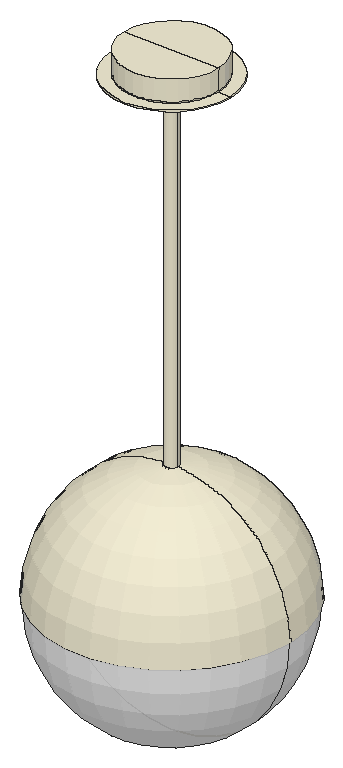
Revit family "3-6903 Mondo Pendant", category Lighting Fixtures, host Ceiling, Revit 2018
Family settings
  Host = Ceiling
  Round Connector Dimension = Use Diameter
  Part Type = Normal
  OmniClass Number = 23.80.70.11
  OmniClass Title = Luminaries for Internal Lighting
  Always vertical = Yes
  Cut with Voids When Loaded = No
  Light Source = Yes
  Shared = No
  Room Calculation Point = No
Parameters (values of type "3-6903-24 / Satin Nickel - Matte Opal Glass")
  Wattage Comments = "11.73 W at 120 V"  # constant formula
  Wattage = 11.73 W
  built-in parameter 1150110 = 1 (stored number, unit not read)
  Voltage Input = "120 V or 277 V - 50/60 Hz"  # constant formula
  Voltage = 120 V
  URL = "www.oxygenlighting.com"
  built-in parameter 1114217 = 1 (stored number, unit not read)
  Tilt Angle = 90.00°  # constant formula
  built-in parameter 1150109 = 1 (stored number, unit not read)
  built-in parameter 1150134 = (empty or 0)
  built-in parameter 1150113 = 1 (stored number, unit not read)
  References = "Ref. 3 = 120 V / Ref. 37 = 277 V"  # constant formula
  Photometric Web File = "3-6903-15 Mondo Pendant.ies"
  Model = "3-6903-xx / Mondo Pendant"  # constant formula
  Metal Finish = 24 - Satin Nickel
  Manufacturer = "Oxygen - Lighting & Fans"  # constant formula
  Lumens = 565.386 lm
  built-in parameter 1150115 = 1 (stored number, unit not read)
  built-in parameter 1150105 = 44.992 (stored number, unit not read)
  built-in parameter 1150137 = (empty or 0)
  built-in parameter 1150139 = (empty or 0)
  built-in parameter 1150112 = 1 (stored number, unit not read)
  built-in parameter 1150114 = 1 (stored number, unit not read)
  Lamp = "LED Array"  # constant formula
  built-in parameter 1150132 = (empty or 0)
  built-in parameter 1150102 = (empty or 0)
  built-in parameter 1150138 = (empty or 0)
  built-in parameter 1150107 = 3000 (stored number, unit not read)
  built-in parameter 1150106 = 0.44992 (stored number, unit not read)
  built-in parameter 1150104 = 4.4779 (stored number, unit not read)
  Dimming Lamp Color Temperature Shift = <None>
  Main Diffuser = Matte Opal Glass
  Color Filter = 16777215
  built-in parameter 1114218 = 1 (stored number, unit not read)
  built-in parameter 1150133 = 10 (stored number, unit not read)
Types (13): name | built-in parameter 1150134 | Metal Finish | built-in parameter 1150107
  (no name) | (empty or 0) | 24 - Satin Nickel | 3000 (stored number, unit not read)
  3-6903-24 / Satin Nickel - Matte Opal Glass | (empty or 0) | 24 - Satin Nickel | 3000 (stored number, unit not read)
  3-6903-40 / Aged Brass - Matte Opal Glass | (empty or 0) | 40 - Aged Brass | 3000 (stored number, unit not read)
  3-6903-15 / Black - Matte Opal Glass | (empty or 0) | 15 - Black | 3000 (stored number, unit not read)
  3-6903-2715 / Black - Matte Opal Glass | (empty or 0) | 15 - Black | 2700 (stored number, unit not read)
  3-6903-2724 / Satin Nickel - Matte Opal Glass | (empty or 0) | 24 - Satin Nickel | 3000 (stored number, unit not read)
  3-6903-2740 / Aged Brass - Matte Opal Glass | (empty or 0) | 40 - Aged Brass | 2700 (stored number, unit not read)
  3-6903-3515 / Black - Matte Opal Glass | (empty or 0) | 15 - Black | 3500 (stored number, unit not read)
  3-6903-3524 / Satin Nickel - Matte Opal Glass | (empty or 0) | 24 - Satin Nickel | 3500 (stored number, unit not read)
  3-6903-3540 / Aged Brass - Matte Opal Glass | (empty or 0) | 40 - Aged Brass | 3500 (stored number, unit not read)
  3-6903-4015 / Black - Matte Opal Glass | 12 | 15 - Black | 4000 (stored number, unit not read)
  3-6903-4024 / Satin Nickel - Matte Opal Glass | 12 | 24 - Satin Nickel | 4000 (stored number, unit not read)
  3-6903-4040 / Aged Brass - Matte Opal Glass | 12 | 40 - Aged Brass | 4000 (stored number, unit not read)
Reference planes (in)
  plane 1 "Light Source Axis (F/B)": y = 0
  plane 2 "Ceiling": z = 96
  plane 3 "Light Source Axis (L/R)": x = 0
  plane 4 "Light Source Elevation": z = 71.44711
  plane 5: z = 94.87795
  plane 6: z = 94.6811
Forms (in)
  Extrusion 1, solid, material "24 - Satin Nickel" <- "Metal Finish"
    sketch origin (0, 0, 0) x (1, 0, 0) y (0, 1, 0)
      loop
        line (0, 0.62961) -> (-0.05867, 0.59573) -> (-0.12283, 0.61751) -> (-0.17377, 0.57284) -> (-0.24094, 0.58168) -> (-0.28218, 0.52793) -> (-0.34979, 0.5235) -> (-0.37976, 0.46273) -> (-0.4452, 0.4452) -> (-0.46273, 0.37976) -> (-0.5235, 0.34979) -> (-0.52793, 0.28218) -> (-0.58168, 0.24094) -> (-0.57284, 0.17377) -> (-0.61751, 0.12283) -> (-0.59573, 0.05867) -> (-0.62961, 0) -> (-0.59573, -0.05867) -> (-0.61751, -0.12283) -> (-0.57284, -0.17377) -> (-0.58168, -0.24094) -> (-0.52793, -0.28218) -> (-0.5235, -0.34979) -> (-0.46273, -0.37976) -> (-0.4452, -0.4452) -> (-0.37976, -0.46273) -> (-0.34979, -0.5235) -> (-0.28218, -0.52793) -> (-0.24094, -0.58168) -> (-0.17377, -0.57284) -> (-0.12283, -0.61751) -> (-0.05867, -0.59573) -> (0, -0.62961) -> (0.05867, -0.59573) -> (0.12283, -0.61751) -> (0.17377, -0.57284) -> (0.24094, -0.58168) -> (0.28218, -0.52793) -> (0.34979, -0.5235) -> (0.37976, -0.46273) -> (0.4452, -0.4452) -> (0.46273, -0.37976) -> (0.5235, -0.34979) -> (0.52793, -0.28218) -> (0.58168, -0.24094) -> (0.57284, -0.17377) -> (0.61751, -0.12283) -> (0.59573, -0.05867) -> (0.62961, 0) -> (0.59573, 0.05867) -> (0.61751, 0.12283) -> (0.57284, 0.17377) -> (0.58168, 0.24094) -> (0.52793, 0.28218) -> (0.5235, 0.34979) -> (0.46273, 0.37976) -> (0.4452, 0.4452) -> (0.37976, 0.46273) -> (0.34979, 0.5235) -> (0.28218, 0.52793) -> (0.24094, 0.58168) -> (0.17377, 0.57284) -> (0.12283, 0.61751) -> (0.05867, 0.59573) -> (0, 0.62961)
    from 94.6811 to 94.87795
  Revolve 2, solid, material "24 - Satin Nickel" <- "Metal Finish"
    sketch origin (0, 0, 0) x (1, 0, 0) y (0, 0, 1)
      loop
        line (2.3622, 96) -> (0, 96) -> (0, 94.87795) -> (2.95276, 94.87795) -> (2.95276, 94.93701) -> (2.32283, 94.93701)
        arc (2.32283, 94.93701) -> (2.35067, 94.94854) -> (2.3622, 94.97638) r 0.03937
        line (2.3622, 94.97638) -> (2.3622, 96)
      loop
        line (0.47244, 94.64173) -> (0.47244, 94.6811) -> (0, 94.6811) -> (0, 77.38142) -> (0.31496, 77.38142) -> (0.31496, 93.93307) -> (0.31496, 94.01181) -> (0.20669, 94.01181) -> (0.20669, 94.07087)
        arc (0.20669, 94.07087) -> (0.25783, 94.11561) -> (0.29948, 94.16929) r 0.35433
        line (0.29948, 94.16929) -> (0.43307, 94.16929) -> (0.43307, 94.60236) -> (0.47244, 94.64173)
      axis (0, 96) -> (0, 77.38142)
    angle from 0 to 360
  Revolve 3, solid, material "24 - Satin Nickel" <- "Metal Finish"
    sketch origin (0, 0, 0) x (1, 0, 0) y (0, 0, 1)
      loop
        arc (5.94488, 71.44711) -> (4.32713, 75.52358) -> (0.35433, 77.38142) r 5.94488
        line (0.35433, 77.38142) -> (0, 77.38142) -> (0, 77.34142) -> (0.35314, 77.34142)
        arc (0.35314, 77.34142) -> (4.29842, 75.49572) -> (5.90488, 71.44711) r 5.90488
        line (5.90488, 71.44711) -> (5.94488, 71.44711)
      axis (0, 77.38142) -> (0, 71.44711)
    angle from 0 to 360
  Revolve 4, solid, material "Matte Opal Glass" <- "Main Diffuser"
    sketch origin (0, 0, 0) x (1, 0, 0) y (0, 0, 1)
      loop
        line (5.90485, 71.44711) -> (0, 71.44711) -> (0, 65.45291)
        arc (0, 65.45291) -> (4.20707, 67.21407) -> (5.90485, 71.44711) r 5.90551
      axis (0, 71.44711) -> (0, 65.45291)
    angle from 0 to 360
Dimensions and locks (in)
  equal spacing: host sketch curve, plane 3 "Light Source Axis (L/R)", host sketch curve
  equal spacing: host sketch curve, plane 1 "Light Source Axis (F/B)", host sketch curve
  host sketch curve to host sketch curve = 120.00"  (x2)
  locked: plane 2 "Ceiling" to plane 4 "Light Source Elevation" at 24.55289
  locked: plane 5 to plane 6 at 0.19685
  locked: plane 2 "Ceiling" to plane 5 at 1.12205
  aligned and locked: plane 3 "Light Source Axis (L/R)" to imposter light
  aligned and locked: plane 1 "Light Source Axis (F/B)" to imposter light
  aligned and locked: plane 4 "Light Source Elevation" to imposter light
  aligned and locked: Extrusion 1 to plane 5
  aligned and locked: plane 6 to Extrusion 1
  aligned and locked: Revolve 2 sketch curve to plane 3 "Light Source Axis (L/R)"
  aligned and locked: Revolve 2 sketch curve to plane 2 "Ceiling"
Connectors (in)
  electrical at (0, 0, 96), driven by "Voltage"
    settings: on Revolve 2, index 1, voltage 120 V, apparent load 0 VA, apparent load phase1 0 VA, apparent load phase2 0 VA, apparent load phase3 0 VA, power factor 1, load classification "Other", number of poles 1, system type 31, power factor state 1, is connector primary yes, connector utility no, sub classification motor no, connector description ""
